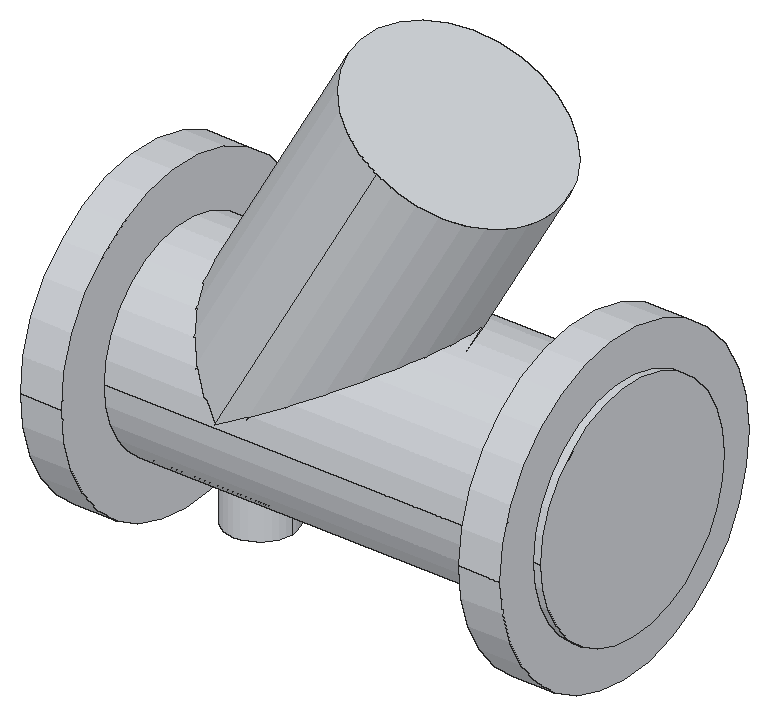
Revit family "HS 821-síto_jemné-PN16-DN125-RFA_2018", category Pipe Accessories, Revit 2018
Family settings
  Round Connector Dimension = Use Diameter
  Part Type = Breaks Into
  Work Plane-Based = No
  Always vertical = Yes
  Cut with Voids When Loaded = No
  Shared = No
Parameters (values of type "821A-DN125-PN16-síto_jemné")
  magiProductId = "bf68e728a163493cbd2a663b26ebdc"
  magiProductFamilyId = "79214ac3aaa945e397802f559f5c1e"
  magiPartTypeId = 307
  isMeasuringValve [instance] = no
  ang2D [instance] = 0.00°
  ZB__ve = -ZB  # -39.5 mm
  ZB1 = 74.52 mm
  ZB = 39.5 mm
  X2 = 131.888 mm
  X1 = 56 mm
  W2D = 15 mm
  VersionID = "2.0/2017.9.26.1/ZETKAMA_821_001"
  Use Minimum Symbol Size [instance] = yes
  URL = "www.hydronix.cz"
  Type Comments = "Filtr přírubový; síto jemné; A-PN16 (-10~300°C); D-PN25 (-10~350°C); F-PN40 (-10~400°C)"
  S = 184 mm
  QmdConnectorList = "301;D;302;D"
  Productdata [instance] = ""
  Manufacturer = "Hydronix"
  MC Product Code = "210 191 (821A; DN125; PN16; kvs268,8; oko síta 0,63mm)"
  LM1 = 32 mm
  LM = 320 mm
  L4 = 100 mm
  L2D_Min = 3048 mm
  L2D = 130 mm
  L2 = 200 mm
  HH2 = 228.438 mm
  FD = 250 mm
  Description = "Filtr přírubový; síto jemné; 821A-PN16; 821D-PN25; 821F-PN40"
  DM1 = 165 mm
  DM = 165.6 mm
  D = 125 mm
  CC = 6.8 mm
  CAT0 = yes
  C1 = 33.2 mm
  C = 40 mm
  BD = 52.164 mm
Types (40, lengths in mm): name | magiProductId | ZB__ve | ZB1 | ZB | X2 | X1 | S | MC Product Code | LM1 | LM | L4 | L2 | HH2 | FD | DM1 | DM | D | CC | C1 | C | BD
  821A-DN015-PN16-síto_jemné | "a71bcfe8b393460598b23e8ddf7dc5" | -16.25 | 18.63 | 16.25 | 46.982 | 18.2 | 46 | "210 115 (821A; DN015; PN16; kvs6,2; oko síta 0,63mm)" | 10.4 | 104 | 32.5 | 65 | 81.375 | 95 | 27.6 | 41.4 | 15 | 2.21 | 10.79 | 13 | 13.041
  821A-DN020-PN16-síto_jemné | "41cd6c7a12924f4991217528336076" | -17.75 | 22.68 | 17.75 | 51.673 | 21 | 56 | "210 120 (821A; DN020; PN16; kvs9,6; oko síta 0,63mm)" | 12 | 120 | 37.5 | 75 | 89.5 | 105 | 33.6 | 50.4 | 20 | 2.55 | 12.45 | 15 | 15.876
  821A-DN025-PN16-síto_jemné | "be378b463ed14c3abf4c9b3ae8cf3a" | -19.25 | 26.325 | 19.25 | 58.601 | 22.4 | 65 | "210 125 (821A; DN025; PN16; kvs14,2; oko síta 0,63mm)" | 12.8 | 128 | 40 | 80 | 101.5 | 115 | 43.2 | 58.5 | 25 | 2.72 | 13.28 | 16 | 18.427
  821A-DN032-PN16-síto_jemné | "227a0d18b21540afabe8b6067d35fa" | -23 | 30.78 | 23 | 68.849 | 25.2 | 76 | "210 132 (821A; DN032; PN16; kvs23,1; oko síta 0,63mm)" | 14.4 | 144 | 45 | 90 | 119.25 | 140 | 50.4 | 68.4 | 32 | 3.06 | 14.94 | 18 | 21.546
  821A-DN040-PN16-síto_jemné | "d106917c74724141a10440112d0102" | -24.5 | 34.02 | 24.5 | 75.777 | 28 | 84 | "210 140 (821A; DN040; PN16; kvs36,6; oko síta 0,63mm)" | 16 | 160 | 50 | 100 | 131.25 | 150 | 60 | 75.6 | 40 | 3.4 | 16.6 | 20 | 23.814
  821A-DN050-PN16-síto_jemné | "8255d456a09e4f6486734f5dd9171b" | -26.75 | 40.095 | 26.75 | 79.061 | 32.2 | 99 | "210 150 (821A; DN050 PN16; kvs53,7; oko síta 0,63mm)" | 18.4 | 184 | 57.5 | 115 | 136.938 | 165 | 73.8 | 89.1 | 50 | 3.91 | 19.09 | 23 | 28.066
  821A-DN065-PN16-síto_jemné | "235b1b3e4c0843779a4d5e3716d40a" | -29.75 | 47.79 | 29.75 | 86.927 | 40.6 | 118 | "210 165 (821A; DN065; PN16; kvs95,1; oko síta 0,63mm)" | 23.2 | 232 | 72.5 | 145 | 150.562 | 185 | 94.2 | 106.2 | 65 | 4.93 | 24.07 | 29 | 33.453
  821A-DN080-PN16-síto_jemné | "a067f7c5236348ed8c820d16df7214" | -32 | 53.46 | 32 | 104.753 | 43.4 | 132 | "210 180 (821A; DN080; PN16; kvs137,1; oko síta 0,63mm)" | 24.8 | 248 | 77.5 | 155 | 181.438 | 200 | 107.4 | 118.8 | 80 | 5.27 | 25.73 | 31 | 37.422
  821A-DN100-PN16-síto_jemné | "c49a648c2747461285837d643703cd" | -35 | 63.18 | 35 | 114.857 | 49 | 156 | "210 190 (821A; DN100; PN16; kvs206,4; oko síta 0,63mm)" | 28 | 280 | 87.5 | 175 | 198.937 | 220 | 131.4 | 140.4 | 100 | 5.95 | 29.05 | 35 | 44.226
  821A-DN125-PN16-síto_jemné | "bf68e728a163493cbd2a663b26ebdc" | -39.5 | 74.52 | 39.5 | 131.888 | 56 | 184 | "210 191 (821A; DN125; PN16; kvs268,8; oko síta 0,63mm)" | 32 | 320 | 100 | 200 | 228.438 | 250 | 165 | 165.6 | 125 | 6.8 | 33.2 | 40 | 52.164
  821A-DN150-PN16-síto_jemné | "2de770284b654863ae6bc865769dc5" | -44.75 | 85.455 | 44.75 | 155.885 | 67.2 | 211 | "210 192 (821A; DN150; PN16; kvs401,4; oko síta 0,63mm)" | 38.4 | 384 | 120 | 240 | 270 | 285 | 192 | 189.9 | 150 | 8.16 | 39.84 | 48 | 59.818
  821A-DN200-PN16-síto_jemné | "8e5693371ab64aabb29a7f08c76e15" | -53 | 107.73 | 53 | 188.361 | 84 | 266 | "210 193 (821A; DN200; PN16; kvs706,7; oko síta 0,63mm)" | 48 | 480 | 150 | 300 | 326.25 | 340 | 252 | 239.4 | 200 | 10.2 | 49.8 | 60 | 75.411
  821A-DN250-PN16-síto_jemné | "05e37ed948c34047acdd4c42556504" | -62.75 | 129.195 | 62.75 | 255.911 | 102.2 | 319 | "210 194 (821A; DN250; PN16; kvs1229,4; oko síta 0,63mm)" | 58.4 | 584 | 182.5 | 365 | 443.25 | 405 | 309.6 | 287.1 | 250 | 12.41 | 60.59 | 73 | 90.436
  821A-DN300-PN16-síto_jemné | "9ad0af747269428da925480d83ce80" | -71 | 149.85 | 71 | 325.914 | 119 | 370 | "210 195 (821A; DN300; PN16; kvs1902,4; oko síta 0,63mm)" | 68 | 680 | 212.5 | 425 | 564.5 | 460 | 369.6 | 333 | 300 | 14.45 | 70.55 | 85 | 104.895
  821A-DN350-PN16-síto_jemné | "eebc71459bb3451bb4355e7951370a" | -80 | 173.745 | 80 | 356.875 | 137.2 | 429 | "200 196 (821A; DN350; PN16; kvs2611,0; oko síta 0,63mm)" | 78.4 | 784 | 245 | 490 | 618.125 | 520 | 438 | 386.1 | 350 | 16.66 | 81.34 | 98 | 121.621
  821A-DN400-PN16-síto_jemné | "d2f677cb196647e385b2590e7d8abe" | -89 | 194.4 | 89 | 392.237 | 154 | 480 | "210 197 (821A; DN400; PN16; kvs3438,4; oko síta 0,63mm)" | 88 | 880 | 275 | 550 | 679.375 | 580 | 498 | 432 | 400 | 18.7 | 91.3 | 110 | 136.08
  821D-DN015-PN25-síto_jemné | "27ddcbf555414f8ca1fde329bf9087" | -16.25 | 18.63 | 16.25 | 46.982 | 18.2 | 46 | "210 215 (821D; DN015; PN25; kvs6,2; oko síta 0,63mm)" | 10.4 | 104 | 32.5 | 65 | 81.375 | 95 | 27.6 | 41.4 | 15 | 2.21 | 10.79 | 13 | 13.041
  821D-DN020-PN25-síto_jemné | "270e0f14012f47189cd0235c18faee" | -17.75 | 22.68 | 17.75 | 51.673 | 21 | 56 | "210 220 (821D; DN020; PN25; kvs9,6; oko síta 0,63mm)" | 12 | 120 | 37.5 | 75 | 89.5 | 105 | 33.6 | 50.4 | 20 | 2.55 | 12.45 | 15 | 15.876
  821D-DN025-PN25-síto_jemné | "b9a7fb4aa36643878c637d8e1ab992" | -19.25 | 26.325 | 19.25 | 58.601 | 22.4 | 65 | "210 225 (821D; DN025; PN25; kvs14,2; oko síta 0,63mm)" | 12.8 | 128 | 40 | 80 | 101.5 | 115 | 43.2 | 58.5 | 25 | 2.72 | 13.28 | 16 | 18.427
  821D-DN032-PN25-síto_jemné | "6be9a55c4e68400f94eec7e804204c" | -23 | 30.78 | 23 | 68.849 | 25.2 | 76 | "210 232 (821D; DN032; PN25; kvs23,1; oko síta 0,63mm)" | 14.4 | 144 | 45 | 90 | 119.25 | 140 | 50.4 | 68.4 | 32 | 3.06 | 14.94 | 18 | 21.546
  821D-DN040-PN25-síto_jemné | "c54511bd7f584ec2984291479612cb" | -24.5 | 34.02 | 24.5 | 75.777 | 28 | 84 | "210 240 (821D; DN040; PN25; kvs36,6; oko síta 0,63mm)" | 16 | 160 | 50 | 100 | 131.25 | 150 | 60 | 75.6 | 40 | 3.4 | 16.6 | 20 | 23.814
  821D-DN050-PN25-síto_jemné | "5483b1f596b04cd39b23a14a22c90e" | -26.75 | 40.095 | 26.75 | 79.061 | 32.2 | 99 | "210 250 (821D; DN050; PN25; kvs53,7; oko síta 0,63mm)" | 18.4 | 184 | 57.5 | 115 | 136.938 | 165 | 73.8 | 89.1 | 50 | 3.91 | 19.09 | 23 | 28.066
  821D-DN065-PN25-síto_jemné | "767b0f8318e94750bc7a9930ed5b30" | -29.75 | 47.79 | 29.75 | 86.927 | 40.6 | 118 | "210 265 (821D; DN065; PN25; kvs95,1; oko síta 0,63mm)" | 23.2 | 232 | 72.5 | 145 | 150.562 | 185 | 94.2 | 106.2 | 65 | 4.93 | 24.07 | 29 | 33.453
  821D-DN080-PN25-síto_jemné | "e21040fa3cc2404b858198f6b73709" | -32 | 53.46 | 32 | 104.753 | 43.4 | 132 | "210 280 (821D; DN080; PN25; kvs137,1; oko síta 0,63mm)" | 24.8 | 248 | 77.5 | 155 | 181.438 | 200 | 107.4 | 118.8 | 80 | 5.27 | 25.73 | 31 | 37.422
  821D-DN100-PN25-síto_jemné | "175ca87a506b40b3bc6b82f12f33cf" | -37.25 | 63.18 | 37.25 | 114.857 | 49 | 156 | "210 290 (821D; DN100; PN25; kvs206,4; oko síta 0,63mm)" | 28 | 280 | 87.5 | 175 | 198.937 | 235 | 131.4 | 140.4 | 100 | 5.95 | 29.05 | 35 | 44.226
  821D-DN125-PN25-síto_jemné | "77cc98d60da24855999a22dff726b2" | -42.5 | 74.52 | 42.5 | 131.888 | 56 | 184 | "210 291 (821D; DN125; PN25; kvs268,8; oko síta 0,63mm)" | 32 | 320 | 100 | 200 | 228.438 | 270 | 165 | 165.6 | 125 | 6.8 | 33.2 | 40 | 52.164
  821D-DN150-PN25-síto_jemné | "9cf8acfcd15547d68e83172d3abcbe" | -47 | 85.455 | 47 | 155.885 | 67.2 | 211 | "210 292 (821D; DN150; PN25; kvs401,4; oko síta 0,63mm)" | 38.4 | 384 | 120 | 240 | 270 | 300 | 192 | 189.9 | 150 | 8.16 | 39.84 | 48 | 59.818
  821D-DN200-PN25-síto_jemné | "16973f3c9ea14389ba8602495a6b64" | -56 | 110.97 | 56 | 188.361 | 84 | 274 | "210 293 (821D; DN200; PN25; kvs706,7; oko síta 0,63mm)" | 48 | 480 | 150 | 300 | 326.25 | 360 | 252 | 246.6 | 200 | 10.2 | 49.8 | 60 | 77.679
  821F-DN015-PN40-síto_jemné | "4c7eaf3c4c0340888b3e684d8a8616" | -16.25 | 18.225 | 16.25 | 46.982 | 18.2 | 45 | "250 615 (821F; DN015; PN40; kvs6,2; oko síta 0,63mm)" | 10.4 | 104 | 32.5 | 65 | 81.375 | 95 | 27.6 | 40.5 | 15 | 2.21 | 10.79 | 13 | 12.757
  821F-DN020-PN40-síto_jemné | "aaac5f1ec96b44d6ba96ac2293d66d" | -17.75 | 23.49 | 17.75 | 51.673 | 21 | 58 | "250 620 (821F; DN020; PN40; kvs9,6; oko síta 0,63mm)" | 12 | 120 | 37.5 | 75 | 89.5 | 105 | 33.6 | 52.2 | 20 | 2.55 | 12.45 | 15 | 16.443
  821F-DN025-PN40-síto_jemné | "504768023968471481789485b54c7e" | -19.25 | 27.54 | 19.25 | 58.601 | 22.4 | 68 | "250 625 (821F; DN025; PN40; kvs14,2; oko síta 0,63mm)" | 12.8 | 128 | 40 | 80 | 101.5 | 115 | 43.2 | 61.2 | 25 | 2.72 | 13.28 | 16 | 19.278
  821F-DN032-PN40-síto_jemné | "165e7f39cf744f329bdf1c400dad12" | -23 | 31.59 | 23 | 68.849 | 25.2 | 78 | "250 632 (821F; DN032; PN40; kvs23,1; oko síta 0,63mm)" | 14.4 | 144 | 45 | 90 | 119.25 | 140 | 50.4 | 70.2 | 32 | 3.06 | 14.94 | 18 | 22.113
  821F-DN040-PN40-síto_jemné | "b8903f952089408fbf3a5a632bab1f" | -24.5 | 35.64 | 24.5 | 75.777 | 28 | 88 | "250 640 (821F; DN040; PN40; kvs36,6; oko síta 0,63mm)" | 16 | 160 | 50 | 100 | 131.25 | 150 | 60 | 79.2 | 40 | 3.4 | 16.6 | 20 | 24.948
  821F-DN050-PN40-síto_jemné | "c451f97266fe48da8f879cb6a2bd44" | -26.75 | 41.31 | 26.75 | 79.061 | 32.2 | 102 | "250 650 (821F; DN050; PN40; kvs53,7; oko síta 0,63mm)" | 18.4 | 184 | 57.5 | 115 | 136.938 | 165 | 73.8 | 91.8 | 50 | 3.91 | 19.09 | 23 | 28.917
  821F-DN065-PN40-síto_jemné | "dc9821e3f9b34e128f6a8c6b34c198" | -29.75 | 49.41 | 29.75 | 86.927 | 40.6 | 122 | "250 665 (821F; DN065; PN40; kvs95,1; oko síta 0,63mm)" | 23.2 | 232 | 72.5 | 145 | 150.562 | 185 | 94.2 | 109.8 | 65 | 4.93 | 24.07 | 29 | 34.587
  821F-DN080-PN40-síto_jemné | "689aa1e260f84cf4994f027a1d86b5" | -32 | 55.89 | 32 | 104.753 | 43.4 | 138 | "250 680 (821F; DN080; PN40; kvs137,1; oko síta 0,63mm)" | 24.8 | 248 | 77.5 | 155 | 181.438 | 200 | 107.4 | 124.2 | 80 | 5.27 | 25.73 | 31 | 39.123
  821F-DN100-PN40-síto_jemné | "8a45d4e8e2ab425f8c432f21d684f3" | -37.25 | 65.61 | 37.25 | 114.857 | 49 | 162 | "250 690 (821F; DN100; PN40; kvs206,4; oko síta 0,63mm)" | 28 | 280 | 87.5 | 175 | 198.937 | 235 | 131.4 | 145.8 | 100 | 5.95 | 29.05 | 35 | 45.927
  821F-DN125-PN40-síto_jemné | "cf073904c006406b8645afa67ea2fc" | -42.5 | 76.14 | 42.5 | 131.888 | 56 | 188 | "250 691 (821F; DN125; PN40; kvs268,8; oko síta 0,63mm)" | 32 | 320 | 100 | 200 | 228.438 | 270 | 165 | 169.2 | 125 | 6.8 | 33.2 | 40 | 53.298
  821F-DN150-PN40-síto_jemné | "0153b9ddabe14992a630484929fdbc" | -47 | 88.29 | 47 | 155.885 | 67.2 | 218 | "250 692 (821F; DN150; PN40; kvs401,4; oko síta 0,63mm)" | 38.4 | 384 | 120 | 240 | 270 | 300 | 192 | 196.2 | 150 | 8.16 | 39.84 | 48 | 61.803
  821F-DN200-PN40-síto_jemné | "7fb3fc01dd8d42428c203e3f8dd4d5" | -56 | 115.425 | 56 | 188.361 | 84 | 285 | "250 693 (821F; DN200; PN40; kvs706,7; oko síta 0,63mm)" | 48 | 480 | 150 | 300 | 326.25 | 360 | 252 | 256.5 | 200 | 10.2 | 49.8 | 60 | 80.797
Reference planes
  plane 1 "Center (Front/Back)": y = 0
  plane 2 "XYPLANE": z = 0
  plane 3 "Center (Left/Right)": x = 0
  plane 4 "109": x = -128
  plane 5 "108": x = 160
  plane 6 "107": x = -160
  plane 7 "105": x = 200
  plane 8 "104": x = -200
  plane 9 "103": y = 0
  plane 10 "102": z = 0
  plane 11 "101": x = -193.2
  plane 12 "100": x = 193.2
  plane 13 "11": x = -72
  plane 14 "10": z = 228.438
  plane 15 "9": x = 59.888
  plane 16 "5": z = -74.52
  plane 17 "4": x = -100
  plane 18 "1": x = 100
Forms (mm)
  Extrusion 1, solid, visible <- "CAT0"
    sketch origin (-160, -750, 0) x (0, 1, 0) y (0, 0, 1)
      loop
        circle (750, 0) r 82.8
    from 0 to 320 <- "LM"
  Extrusion 2, solid
    sketch origin (-200, -750, 0) x (0, 1, 0) y (0, 0, 1)
      loop
        circle (750, 0) r 92
    from 0 to 6.8 <- "CC"
  Extrusion 3, solid
    sketch origin (-193.2, -750, 0) x (0, 1, 0) y (0, 0, 1)
      loop
        circle (750, 0) r 125
    from 0 to 33.2 <- "C1"
  Extrusion 4, solid
    sketch origin (160, -750, 0) x (0, 1, 0) y (0, 0, 1)
      loop
        circle (750, 0) r 125
    from 0 to 33.2 <- "C1"
  Extrusion 5, solid
    sketch origin (193.2, -750, 0) x (0, 1, 0) y (0, 0, 1)
      loop
        circle (750, 0) r 92
    from 0 to 6.8 <- "CC"
  Sweep 6, solid, visible <- "CAT0"
    path origin (750, 0, 0) x (-1, 0, 0) y (0, 0, 1)
      loop
        line (910, 0) -> (822, 0) -> (690.112, 228.438)
    profile origin (-160, 0, 0) x (0, 0, -1) y (0, 1, 0)
      loop
        circle (0, 0) r 82.5
  Extrusion 7, solid, visible <- "CAT0"
    sketch origin (-750, 0, -74.52) x (1, 0, 0) y (0, 1, 0)
      loop
        circle (650, 0) r 26.082
    from 0 to -39.5 <- "ZB__ve"
  Extrusion 8, solid, visible <- "CAT0"
    sketch origin (-750, 0, -74.52) x (1, 0, 0) y (0, 1, 0)
      loop
        circle (850, 0) r 26.082
    from 0 to -39.5 <- "ZB__ve"
  Extrusion 9, solid, not visible
    sketch origin (200, -750, 0) x (0, 1, 0) y (0, 0, 1)
      loop
        circle (750, 0) r 10
    from 0 to -10
  Extrusion 10, solid, not visible
    sketch origin (-200, -750, 0) x (0, 1, 0) y (0, 0, 1)
      loop
        circle (750, 0) r 10
    from 0 to 10
Lines and regions (mm)
  reference lines, not visible
    curve 1: circle (2, 2, 0) r 1 normal (0, 0, 1)
Dimensions and locks
  plane 1 "Center (Front/Back)" to curve 1 = 2 mm
  "LM1": plane 6 "107" to plane 4 "109"
  "LM": plane 6 "107" to plane 5 "108"
  "C": plane 8 "104" to plane 6 "107"
  "L2": plane 3 "Center (Left/Right)" to plane 7 "105"
  "L2": plane 3 "Center (Left/Right)" to plane 8 "104"
  locked: plane 1 "Center (Front/Back)" to plane 9 "103"
  locked: plane 2 "XYPLANE" to plane 10 "102"
  "CC": plane 8 "104" to plane 11 "101"
  "C1": plane 5 "108" to plane 12 "100"
  "X1": plane 4 "109" to plane 13 "11"
  "HH2": plane 2 "XYPLANE" to plane 14 "10"
  "X2": plane 13 "11" to plane 15 "9"
  "ZB1": plane 2 "XYPLANE" to plane 16 "5"
  "L4": plane 8 "104" to plane 17 "4"
  "L2": plane 17 "4" to plane 18 "1"
  Sweep 6 sketch curve to Sweep 6 sketch curve = 0 mm  (x2)
  "DM": diameter of Extrusion 1 sketch curve
  "S": diameter of Extrusion 2 sketch curve
  "FD": diameter of Extrusion 3 sketch curve
  "FD": diameter of Extrusion 4 sketch curve
  "S": diameter of Extrusion 5 sketch curve
  "DM1": diameter of Sweep 6 sketch curve
  "BD": diameter of Extrusion 7 sketch curve
  "BD": diameter of Extrusion 8 sketch curve
  aligned and locked: level to plane 2 "XYPLANE"
  aligned and locked: Extrusion 1 sketch curve to plane 9 "103"
  aligned and locked: plane 10 "102" to Extrusion 1 sketch curve
  aligned and locked: Extrusion 2 sketch curve to plane 9 "103"
  aligned and locked: plane 10 "102" to Extrusion 2 sketch curve
  aligned and locked: Extrusion 3 sketch curve to plane 9 "103"
  aligned and locked: plane 10 "102" to Extrusion 3 sketch curve
  aligned and locked: Extrusion 4 sketch curve to plane 9 "103"
  aligned and locked: plane 10 "102" to Extrusion 4 sketch curve
  aligned and locked: Extrusion 5 sketch curve to plane 9 "103"
  aligned and locked: plane 10 "102" to Extrusion 5 sketch curve
  aligned and locked: Sweep 6 sketch curve to plane 9 "103"
  aligned and locked: plane 10 "102" to Sweep 6 sketch curve  (x3)
  aligned and locked: plane 6 "107" to Sweep 6 sketch curve
  aligned and locked: plane 13 "11" to Sweep 6 sketch curve
  aligned and locked: plane 14 "10" to Sweep 6 sketch curve
  aligned and locked: plane 15 "9" to Sweep 6 sketch curve
  aligned and locked: plane 9 "103" to Extrusion 7 sketch curve
  aligned and locked: plane 17 "4" to Extrusion 7 sketch curve
  aligned and locked: plane 9 "103" to Extrusion 8 sketch curve
  aligned and locked: plane 18 "1" to Extrusion 8 sketch curve
  aligned and locked: Extrusion 9 sketch curve to plane 9 "103"
  aligned and locked: plane 10 "102" to Extrusion 9 sketch curve
  aligned and locked: Extrusion 10 sketch curve to plane 9 "103"
  aligned and locked: plane 10 "102" to Extrusion 10 sketch curve
Automatic sketch dimensions
  plane 1 "Center (Front/Back)" to Extrusion 9 sketch curve = 10 mm
  plane 1 "Center (Front/Back)" to Extrusion 10 sketch curve = 10 mm
  plane 3 "Center (Left/Right)" to curve 1 = 2 mm
  radius of curve 1 = 1 mm
Connectors
  piping at (-200, 0, 0), diameter 125, driven by "D"
    settings: on Extrusion 10, index 1, connector inside diameter 609.6 mm, connector length 0 mm, flow factor 0, pipe flow 0.0 L/s, pressure drop 0.0 Pa, fitting loss kfactor 0, connector angle 0.00°, fixture units 0, engagement length 0 mm, angle of deflection 0.00°, flow configuration 0, flow direction 0, fitting loss method 0, system type 29, joint type 0, gender type 0, connector reference index 2, connector utility 0, adjustable connector no, is connector primary yes, connector description ""
  piping at (200, 0, 0), diameter 125, driven by "D"
    settings: on Extrusion 9, index 2, connector inside diameter 609.6 mm, connector length 0 mm, flow factor 0, pipe flow 0.0 L/s, pressure drop 0.0 Pa, fitting loss kfactor 0, connector angle 0.00°, fixture units 0, engagement length 0 mm, angle of deflection 0.00°, flow configuration 0, flow direction 0, fitting loss method 0, system type 29, joint type 0, gender type 0, connector reference index 1, connector utility 0, adjustable connector no, is connector primary no, connector description ""
